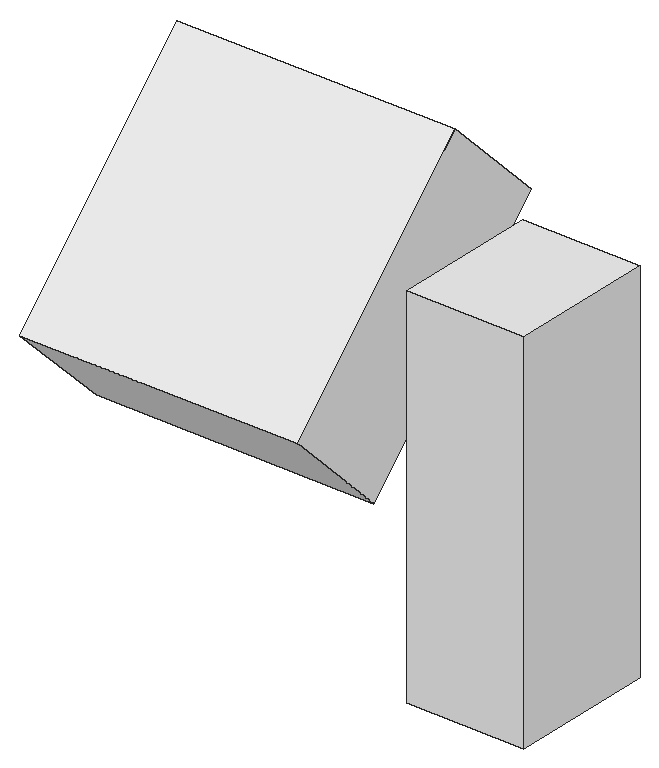
Revit family "Lighting-Accent-Amerlux-Contour Vertical 4x4", category Lighting Fixtures, host Face, Revit 2015
Parameters
  Voltage = 0 V
  Power Factor = 1
  Photometric Web File = ""
  Number of Poles = 1
  Material = Silver Finish
  Lamp = "LED"
  Input Wattage = ""
  Wattage = 26 W
  built-in parameter 1150110 = 1 (stored number, unit not read)
  URL = "http://www.amerlux.com"
  built-in parameter 1114217 = 1 (stored number, unit not read)
  Tilt Angle = 90.00°
  built-in parameter 1150109 = 1 (stored number, unit not read)
  built-in parameter 1150134 = 12
  built-in parameter 1150113 = 1 (stored number, unit not read)
  Model = "CNTRV44"
  Manufacturer = "Amerlux"
  built-in parameter 1150105 = 206.9 (stored number, unit not read)
  Lumens = 2600 lm
  built-in parameter 1150115 = 1 (stored number, unit not read)
  built-in parameter 1150137 = (empty or 0)
  built-in parameter 1150139 = (empty or 0)
  built-in parameter 1150112 = 1 (stored number, unit not read)
  built-in parameter 1150114 = 1 (stored number, unit not read)
  Keynote = ""
  built-in parameter 1150132 = (empty or 0)
  built-in parameter 1150102 = (empty or 0)
  built-in parameter 1150107 = 4000 (stored number, unit not read)
  built-in parameter 1150138 = (empty or 0)
  built-in parameter 1150106 = 2.069 (stored number, unit not read)
  Finish = ""
  Emit from Rectangle Width = 4"
  Emit from Rectangle Length = 4"
  Emit Shape Visible in Rendering = yes
  built-in parameter 1150104 = 9.2903 (stored number, unit not read)
  Dimming Lamp Color Temperature Shift = (empty or 0)
  Description = "Accent Lighting"
  Default Elevation = 48"
  Color Filter = 16777215
  built-in parameter 1114218 = 1 (stored number, unit not read)
  built-in parameter 1150133 = 10 (stored number, unit not read)
  Assembly Code = ""
  Apparent Load = 0 VA
Reference planes (in)
  plane 1 "Center (Front/Back)": y = 2.00423
  plane 2: z = 0
  plane 3 "Center (Left/Right)": x = 2.916
  plane 4: z = 6.3125
  plane 5: y = 3.00423
  plane 6: y = 1.00423
  plane 7: z = 7.25
Forms (in)
  Extrusion 1, solid, material "Silver Finish"
    sketch origin (0, 2.00423, 0) x (-1, 0, 0) y (0, 0, 1)
      loop
        line (-2.916, 6.3125) -> (-4.916, 6.3125) -> (-4.916, 0) -> (-2.916, 0) -> (-2.916, 6.3125)
    from -1.253 to 1.22125
  Revolve 2, solid, material "Silver Finish"
    sketch origin (0, 2.00423, 0.65625) x (-1, 0, 0) y (0, 0, 1)
      loop
        line (-2.54388, 5.3125) -> (-2.916, 5.3125) -> (-2.916, 5.0625) -> (-2.54388, 5.0625) -> (-2.54388, 5.3125)
      axis (-2.54388, 5.0625) -> (-2.916, 5.0625)
    angle from 0 to 360
Dimensions and locks (in)
  equal spacing: plane 5, plane 1 "Center (Front/Back)", plane 6
  locked: Extrusion 1 sketch curve to Extrusion 1 sketch curve at 2
  locked: Extrusion 1 sketch curve to Extrusion 1 sketch curve at 6.3125
  aligned and locked: plane 2 to host face
  aligned and locked: level to host face
  aligned: imposter light to plane 1 "Center (Front/Back)"
  aligned and locked: Extrusion 1 sketch curve to level
  aligned and locked: imposter light to nested 1
Automatic sketch dimensions
  host sketch curve to host sketch curve = 12.00498"
  host sketch curve to host sketch curve = 12.39607"
  plane 3 "Center (Left/Right)" to Extrusion 1 sketch curve = 0"
  plane 3 "Center (Left/Right)" to Revolve 2 sketch curve = 0"
  Revolve 2 sketch curve to Revolve 2 sketch curve = 0.37213"
  Revolve 2 sketch curve to plane 4 = 19/32"
  Revolve 2 sketch curve to Revolve 2 sketch curve = 1/4"
  Revolve 2 sketch curve to plane 3 "Center (Left/Right)" = 1.64144"
  Revolve 2 sketch curve to Revolve 2 sketch curve = 0.77229"
  Revolve 2 sketch curve to Revolve 2 sketch curve = 0"
Nested families (in)
  nested 1: "Track Head" at (1.77159, 1.37547, 5.51631) x (0, -0.7071, -0.7071) z (-1, 0, 0), type "Track Head"
Connectors (in)
  electrical at (3.916, 1.98836, 0), driven by "Number of Poles", driven by "Voltage", driven by "Apparent Load", driven by "Power Factor"
    settings: on Extrusion 1, index 1, voltage 0 V, apparent load 0 VA, apparent load phase1 0 VA, apparent load phase2 0 VA, apparent load phase3 0 VA, power factor 1, load classification "Other", number of poles 1, system type 31, power factor state 1, is connector primary yes, connector utility no, sub classification motor no, connector description "Power"
Definition of nested family "Track Head"
  Parameters (values of type "Track Head")
    Width = 4 3/4"
    Material = none
    Height = 4 3/4"
    Depth = 2 5/16"
    Default Elevation = 48"
    Assembly Code = ""
  Reference planes (in)
    plane 1 "Center (Front/Back)": y = 0
    plane 2: z = 0
    plane 3 "Center (Left/Right)": x = 0
    plane 4: y = 1.15625
    plane 5: y = -1.15625
  Forms (in)
    Extrusion 1, solid
      sketch origin (0, 0, 0) x (1, 0, 0) y (0, 1, 0)
        loop
          line (-48, 48) -> (-48, -48) -> (48, -48) -> (48, 48) -> (-48, 48)
      from 0 to -0.80444
    Extrusion 2, solid
      sketch origin (0, 0, 1.10938) x (1, 0, 0) y (0, 0, 1)
        loop
          line (2.375, 2.875) -> (-2.375, 2.875) -> (-2.375, -1.875) -> (2.375, -1.875) -> (2.375, 2.875)
      from -1.15625 to 1.15625
  Dimensions and locks (in)
    equal spacing: plane 4, plane 1 "Center (Front/Back)", plane 5
    "Depth": plane 4 to plane 5
    equal spacing: Extrusion 2 sketch curve, plane 3 "Center (Left/Right)", Extrusion 2 sketch curve
    equal spacing: Extrusion 2 sketch curve, Extrusion 1, Extrusion 2 sketch curve
    "Width": Extrusion 2 sketch curve to Extrusion 2 sketch curve
    "Height": Extrusion 2 sketch curve to Extrusion 2 sketch curve
    aligned and locked: plane 2 to Extrusion 1
    aligned and locked: level to Extrusion 1
    aligned and locked: Extrusion 2 to plane 4
    aligned and locked: plane 5 to Extrusion 2
  Automatic sketch dimensions
    Extrusion 1 sketch curve to Extrusion 1 sketch curve = 96"  (x2)
    Extrusion 2 sketch curve to level = 49/64"
